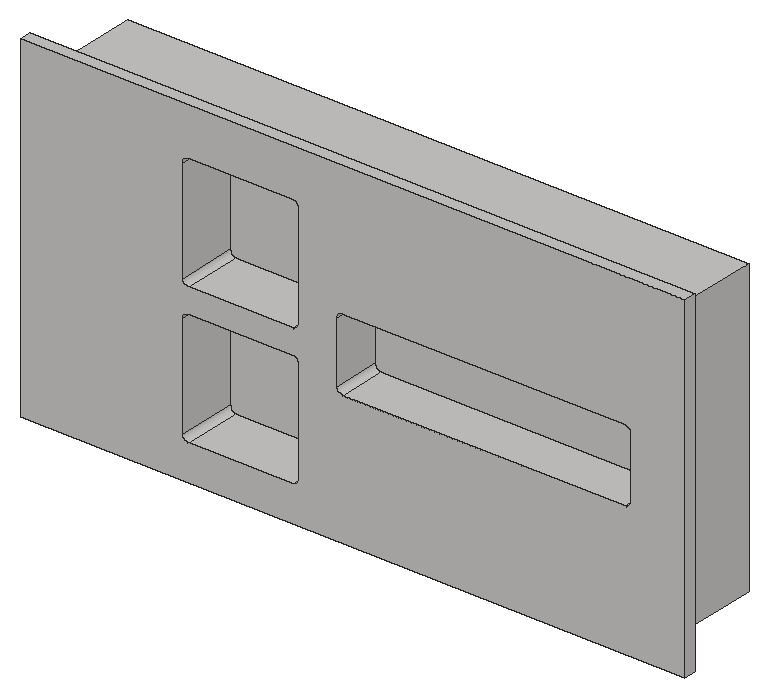
Revit family "ASI_ADA_Compliant_Toilet_Tissue_Dispenser_0487L-R", category Specialty Equipment, Revit 2020
Family settings
  Round Connector Dimension = Use Diameter
  Part Type = Normal
  Work Plane-Based = No
  Always vertical = Yes
  Cut with Voids When Loaded = No
  Shared = No
  Room Calculation Point = No
Parameters (values of type "0487-L")
  URL = "http://www.americanspecialties.com/viewCategories.cfm"
  Specification [instance] = "http://www.arcat.com/sdspecs/htm/10810asi.htm"
  SpecWizard [instance] = ""
  Sales Information [instance] = "https://americanspecialties.com/contact-us/"
  Product Data [instance] = "http://www.arcat.com/arcatcos/cos30/arc30448.html"
  Manufacturer Website [instance] = "http://www.americanspecialties.com/viewCategories.cfm"
  Manufacturer Phone - Toll Free [instance] = ""
  Manufacturer Phone [instance] = "914-476-9000"
  Manufacturer Fax [instance] = "914-476-0688"
  Manufacturer Email [instance] = ""
  Manufacturer Address [instance] = "441 Saw Mill River Rd., Yonkers, NY 10701"
  Manufacturer = "American Specialties, Inc."
  Installation-Fabrication [instance] = "http://www.americanspecialties.com/products.cfm"
  Green Building-LEED [instance] = ""
  Default Elevation = 0' - 0"
  Construction Details [instance] = "http://www.arcat.com/green/clients/leed_data_30448.html"
  0487_R = no
  0487_L = not([0487_R])  # yes
Types (3): name | 0487_R | 0487_L
  (no name) | no | yes
  0487-L | no | yes
  0487-R | yes | no
Reference planes (in)
  plane 1 "Center (Front/Back)": y = 0
  plane 2: z = 0
  plane 3 "Center (Left/Right)": x = 0
  plane 4: z = 56.95313
  plane 5: z = 45.70313
Dimensions and locks (in)
  aligned and locked: level to plane 2
  aligned and locked: plane 3 "Center (Left/Right)" to nested 2
Nested families (in)
  nested 1: "ADA_Compliant_Toilet_Tissue_Dispenser" at (0, 0, 0), visible <- "0487_R", type "ADA_Compliant_Toilet_Tissue_Dispenser"
    with Specification "http://www.arcat.com/sdspecs/htm/10810asi.htm", SpecWizard "", Sales Information "https://americanspecialties.com/contact-us/", Product Data "http://www.arcat.com/arcatcos/cos30/arc30448.html", Manufacturer Website "http://www.americanspecialties.com/viewCategories.cfm", Manufacturer Phone - Toll Free "", Manufacturer Phone "914-476-9000", Manufacturer Fax "914-476-0688", Manufacturer Email "", Manufacturer Address "441 Saw Mill River Rd., Yonkers, NY 10701", Installation-Fabrication "http://www.americanspecialties.com/products.cfm", Green Building-LEED "", Construction Details "http://www.arcat.com/green/clients/leed_data_30448.html"
  nested 2: "ADA_Compliant_Toilet_Tissue_Dispenser" at (0, 0, 0) x (-1, 0, 0) z (0, 0, 1), visible <- "0487_L", type "ADA_Compliant_Toilet_Tissue_Dispenser"
    with Specification "http://www.arcat.com/sdspecs/htm/10810asi.htm", SpecWizard "", Sales Information "https://americanspecialties.com/contact-us/", Product Data "http://www.arcat.com/arcatcos/cos30/arc30448.html", Manufacturer Website "http://www.americanspecialties.com/viewCategories.cfm", Manufacturer Phone - Toll Free "", Manufacturer Phone "914-476-9000", Manufacturer Fax "914-476-0688", Manufacturer Email "", Manufacturer Address "441 Saw Mill River Rd., Yonkers, NY 10701", Installation-Fabrication "http://www.americanspecialties.com/products.cfm", Green Building-LEED "", Construction Details "http://www.arcat.com/green/clients/leed_data_30448.html"
Definition of nested family "ADA_Compliant_Toilet_Tissue_Dispenser"
  Parameters (values of type "ADA_Compliant_Toilet_Tissue_Dispenser")
    URL = "http://www.americanspecialties.com/viewCategories.cfm"
    Specification [instance] = "http://www.arcat.com/sdspecs/htm/10810asi.htm"
    SpecWizard [instance] = ""
    Sales Information [instance] = "https://americanspecialties.com/contact-us/"
    Product Data [instance] = "http://www.arcat.com/arcatcos/cos30/arc30448.html"
    Manufacturer Website [instance] = "http://www.americanspecialties.com/viewCategories.cfm"
    Manufacturer Phone - Toll Free [instance] = ""
    Manufacturer Phone [instance] = "914-476-9000"
    Manufacturer Fax [instance] = "914-476-0688"
    Manufacturer Email [instance] = ""
    Manufacturer Address [instance] = "441 Saw Mill River Rd., Yonkers, NY 10701"
    Manufacturer = "American Specialties, Inc."
    Installation-Fabrication [instance] = "http://www.americanspecialties.com/products.cfm"
    Green Building-LEED [instance] = ""
    Default Elevation = 0' - 0"
    Construction Details [instance] = "http://www.arcat.com/green/clients/leed_data_30448.html"
  Reference planes (in)
    plane 1 "Center (Front/Back)": y = 0
    plane 2: z = 0
    plane 3 "Center (Left/Right)": x = 0
    plane 4: z = 14.25
    plane 5: z = 7.125
    plane 6: z = 13.3125
    plane 7: z = 0.9375
    plane 8: x = -13.0625
    plane 9: x = 13.0625
  Forms (in)
    Extrusion 1, solid
      sketch origin (0, -0.5, 0) x (-1, 0, 0) y (0, 0, 1)
        loop
          line (-14, 14.25) -> (-14, 0) -> (14, 0) -> (14, 14.25) -> (-14, 14.25)
      from 0 to 0.5
    Extrusion 2, solid
      sketch origin (0, -0.5, 0) x (-1, 0, 0) y (0, 0, 1)
        loop
          line (-13.0625, 13.3125) -> (-13.0625, 0.9375) -> (13.0625, 0.9375) -> (13.0625, 13.3125) -> (-13.0625, 13.3125)
      from 0.5 to 4.5
    Extrusion 3, void
      sketch origin (0, -0.5, 0) x (-1, 0, 0) y (0, 0, 1)
        loop
          line (-2.53125, 12.25) -> (-6.90625, 12.25)
          arc (-6.90625, 12.25) -> (-7.08303, 12.17678) -> (-7.15625, 12) r 0.25
          line (-7.15625, 12) -> (-7.15625, 7.625)
          arc (-7.15625, 7.625) -> (-7.08303, 7.44822) -> (-6.90625, 7.375) r 0.25
          line (-6.90625, 7.375) -> (-2.53125, 7.375)
          arc (-2.53125, 7.375) -> (-2.35447, 7.44822) -> (-2.28125, 7.625) r 0.25
          line (-2.28125, 7.625) -> (-2.28125, 12)
          arc (-2.28125, 12) -> (-2.35447, 12.17678) -> (-2.53125, 12.25) r 0.25
        loop
          arc (-2.53125, 1.5) -> (-2.35447, 1.57322) -> (-2.28125, 1.75) r 0.25
          line (-2.28125, 1.75) -> (-2.28125, 6.125)
          arc (-2.28125, 6.125) -> (-2.35447, 6.30178) -> (-2.53125, 6.375) r 0.25
          line (-2.53125, 6.375) -> (-6.90625, 6.375)
          arc (-6.90625, 6.375) -> (-7.08303, 6.30178) -> (-7.15625, 6.125) r 0.25
          line (-7.15625, 6.125) -> (-7.15625, 1.75)
          arc (-7.15625, 1.75) -> (-7.08303, 1.57322) -> (-6.90625, 1.5) r 0.25
          line (-6.90625, 1.5) -> (-2.53125, 1.5)
      from 0 to 2.5
    Extrusion 4, void
      sketch origin (0, 0, 0) x (1, 0, 0) y (0, 0, 1)
        loop
          arc (-11.46875, 8.67188) -> (-11.64553, 8.59865) -> (-11.71875, 8.42188) r 0.25
          line (-11.71875, 8.42188) -> (-11.71875, 5.82813)
          arc (-11.71875, 5.82813) -> (-11.64553, 5.65135) -> (-11.46875, 5.57813) r 0.25
          line (-11.46875, 5.57813) -> (0.40625, 5.57813)
          arc (0.40625, 5.57813) -> (0.58303, 5.65135) -> (0.65625, 5.82813) r 0.25
          line (0.65625, 5.82813) -> (0.65625, 8.42188)
          arc (0.65625, 8.42188) -> (0.58303, 8.59865) -> (0.40625, 8.67188) r 0.25
          line (0.40625, 8.67188) -> (-11.46875, 8.67188)
      from 0.5 to -1.5
  Cuts and joins
    Extrusion 3, Extrusion 4 cuts Extrusion 1
    Extrusion 3, Extrusion 4 cuts Extrusion 2
    joined: Extrusion 1, Extrusion 2
  Lines and regions (in)
    model lines
      curve 1: circle (-5.53125, -0.5, 12.25) r 0.4375 normal (0, -1, 0)
      curve 2: circle (10.5, -0.5, 12.25) r 0.4375 normal (0, 1, 0)
  Dimensions and locks (in)
    aligned and locked: level to plane 2
